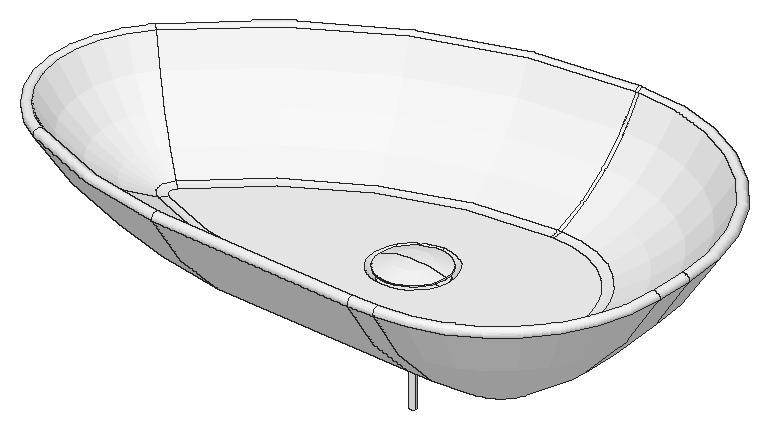
Revit family "Plum Fix_Basin_Counter Top_Argent_Grace_Teardrop", category Plumbing Fixtures, Revit 2016
Family settings
  Part Type = Normal
  Round Connector Dimension = Use Diameter
  OmniClass Number = 23.45.05.14.14
  OmniClass Title = Sinks/Lavatories
  Work Plane-Based = No
  Always vertical = Yes
  Cut with Voids When Loaded = Yes
  Shared = No
  Room Calculation Point = No
Parameters (values of type "White (TP20MUL01)")
  Waste Connection = yes
  WFU = 0
  Vent Connection = no
  Uniclass2015Version = "Products v1.13"
  Uniclass2015Title = "Sinks"
  Uniclass2015Code = "Pr_40_20_96_81"
  URL = "https://www.argentaust.com.au/"
  Type Comments = "No Tap Hole"
  ModifiedIssue_ANZRS = 20191125
  Model = "TP20MUL01"  # constant formula
  Manufacturer_URL__Product Specific = "https://www.argentaust.com.au/argent-basins-counter-top-grace-teardrop-counter-top-basin?item=8582"
  Manufacturer_Spec Code = Model  # "TP20MUL01"
  Manufacturer_Overall Width = 595 mm  # constant formula
  Manufacturer_Overall Height = 125.5 mm  # constant formula
  Manufacturer_Overall Depth = 400 mm  # constant formula
  Manufacturer_Height From FFL [instance] = 900 mm
  Manufacturer = "Argent"  # constant formula
  Keynote = ""
  IfcExportType = "SINK"
  IfcExportAs = "IfcSanitaryTerminalType"
  HWFU = 0
  HW Connection = no
  CreatedBy_ANZRS = "IGS BIM Solutions"  # constant formula
  CreatedByURL_ANZRS = "https://igsgroup.com.au"
  Description = "Grace Teardrop Counter Top Basin"  # constant formula
  Cost = 0
  CWFU = 0
  CW Connection = no
  Body Material = z_Argent_Ceramic White
  Assembly Code = ""
Reference planes
  plane 1 "Ref. Level": z = 0
  plane 2 "Front": y = -307.5
  plane 3 "Back": y = 92.5
  plane 4 "Right": x = -1.98
  plane 5 "Left": x = -596.98
  plane 6 "Top": z = 1025.5
  plane 7 "Bottom": z = 900
  plane 8 "Drain Top": z = 949
  plane 9 "Center (Left/Right)": x = -266.98
  plane 10 "Center (Front/Back)": y = -121.5
Forms (mm)
  Sweep 1, solid, material "z_Argent_Ceramic White" <- "Body Material"
    path origin (0, 0, 1025.5) x (0, -1, 0) y (1, 0, 0)
      loop
        arc (-92.5, -214.48) -> (-51.819, -406.591) -> (63.242, -565.723) r 473.948
        arc (63.242, -565.723) -> (165.454, -595.196) -> (251.411, -532.526) r 120.943
        arc (251.411, -532.526) -> (281.7, -458.749) -> (297.373, -380.552) r 416.504
        arc (297.373, -380.552) -> (304.967, -281.395) -> (307.5, -181.98) r 1951.836
        line (307.5, -181.98) -> (307.5, -156.98)
        arc (307.5, -156.98) -> (262.102, -47.378) -> (152.5, -1.98) r 155
        line (152.5, -1.98) -> (116.837, -1.98)
        arc (116.837, -1.98) -> (-31.187, -63.293) -> (-92.5, -211.317) r 209.337
        line (-92.5, -211.317) -> (-92.5, -214.48)
    profile origin (-212.899, 92.5, 1025.5) x (0, 1, 0) y (0, 0, 1)
      loop
        arc (-0.57, -7.007) -> (-2.493, -0.57) -> (-8.93, -2.493) r 4.75
        arc (-8.93, -2.493) -> (-48.414, -51.113) -> (-102.933, -81.944) r 168.422
        arc (-102.933, -81.944) -> (-107.482, -83.084) -> (-112.155, -83.468) r 28.656
        line (-112.155, -83.468) -> (-117.644, -83.468) -> (-117.644, -125.5)
        arc (-117.644, -125.5) -> (-50.627, -74.632) -> (-0.57, -7.007) r 296.912
  Extrusion 2, void
    sketch origin (0, 0, 1025.5) x (0, -1, 0) y (1, 0, 0)
      loop
        circle (121.5, -266.98) r 37
      loop
        arc (33.815, -211.613) -> (59.484, -342.713) -> (132.701, -454.451) r 347.616
        arc (132.701, -454.451) -> (141.698, -457.294) -> (149.056, -451.387) r 10
        arc (149.056, -451.387) -> (163.06, -410.193) -> (170.727, -367.364) r 289.218
        arc (170.727, -367.364) -> (177.815, -274.741) -> (180.179, -181.878) r 1824.594
        line (180.179, -181.878) -> (180.179, -156.257)
        arc (180.179, -156.257) -> (172.304, -137.245) -> (153.292, -129.37) r 26.887
        line (153.292, -129.37) -> (116.058, -129.37)
        arc (116.058, -129.37) -> (57.903, -153.458) -> (33.815, -211.613) r 82.243
    from -125.5 to -106.259
  Extrusion 3, solid, material "z_Argent_Ceramic White" <- "Body Material"
    sketch origin (0, 0, 1025.5) x (0, -1, 0) y (1, 0, 0)
      loop
        arc (142.228, -478.537) -> (145.015, -479.341) -> (147.359, -477.631) r 3.298
        arc (147.359, -477.631) -> (169.093, -424.693) -> (180.339, -368.583) r 298.86
        arc (180.339, -368.583) -> (187.475, -275.403) -> (189.856, -181.98) r 1834.192
        line (189.856, -181.98) -> (189.856, -156.98)
        arc (189.856, -156.98) -> (178.914, -130.565) -> (152.5, -119.624) r 37.356
        line (152.5, -119.624) -> (116.837, -119.624)
        arc (116.837, -119.624) -> (52.001, -146.481) -> (25.144, -211.317) r 91.693
        line (25.144, -211.317) -> (25.144, -214.48)
        arc (25.144, -214.48) -> (55.728, -358.905) -> (142.228, -478.537) r 356.304
      loop
        circle (121.5, -266.98) r 22.5
    from -125.5 to -83.468
  Sweep 4, void
    path in 3D
      loop
        arc (-266.98, -99, 942.032) -> (-289.48, -121.5, 942.032) -> (-266.98, -144, 942.032) r 22.5
        arc (-266.98, -144, 942.032) -> (-244.48, -121.5, 942.032) -> (-266.98, -99, 942.032) r 22.5
    profile origin (-244.48, -121.5, 942.032) x (-1, 0, 0) y (0, 0, 1)
      loop
        line (0, 0) -> (-14.5, 0) -> (0, -14.5) -> (0, 0)
  Sweep 5, solid, material "z_Argent_Ceramic White" <- "Body Material"
    path origin (0, 0, 1025.5) x (0, -1, 0) y (1, 0, 0)
      loop
        circle (121.5, -266.98) r 37
    profile origin (-229.98, -121.5, 1025.5) x (-1, 0, 0) y (0, 0, 1)
      loop
        line (0, -106.259) -> (-9.184, -106.259) -> (0, -115.442) -> (0, -106.259)
Cuts and joins
  Extrusion 2 cuts Sweep 1
  Extrusion 2, Sweep 4 cuts Extrusion 3
  joined: Sweep 1, Extrusion 3, Sweep 5
Lines and regions (mm)
  Masking region 1
    outline origin (0, 0, 1025.5) x (0, -1, 0) y (1, 0, 0)
      loop
        arc (-92.5, -214.48) -> (-51.819, -406.591) -> (63.242, -565.723) r 473.948
        arc (63.242, -565.723) -> (165.454, -595.196) -> (251.411, -532.526) r 120.943
        arc (251.411, -532.526) -> (281.7, -458.749) -> (297.373, -380.552) r 416.504
        arc (297.373, -380.552) -> (304.967, -281.395) -> (307.5, -181.98) r 1951.836
        line (307.5, -181.98) -> (307.5, -156.98)
        arc (307.5, -156.98) -> (262.102, -47.378) -> (152.5, -1.98) r 155
        line (152.5, -1.98) -> (116.837, -1.98)
        arc (116.837, -1.98) -> (-31.187, -63.293) -> (-92.5, -211.317) r 209.337
        line (-92.5, -211.317) -> (-92.5, -214.48)
  Masking region 2
    outline origin (0, -307.5, 0) x (-1, 0, 0) y (0, 0, 1)
      loop
        arc (596.41, 1018.493) -> (596.309, 1023.183) -> (592.23, 1025.5) r 4.75
        line (592.23, 1025.5) -> (6.73, 1025.5)
        arc (6.73, 1025.5) -> (2.651, 1023.183) -> (2.55, 1018.493) r 4.75
        arc (2.55, 1018.493) -> (52.607, 950.868) -> (119.624, 900) r 296.912
        line (119.624, 900) -> (479.336, 900)
        arc (479.336, 900) -> (546.353, 950.868) -> (596.41, 1018.493) r 296.912
  Masking region 3
    outline origin (-1.98, 0, 0) x (0, 1, 0) y (0, 0, 1)
      loop
        arc (91.93, 1018.493) -> (91.829, 1023.183) -> (87.75, 1025.5) r 4.75
        line (87.75, 1025.5) -> (-302.75, 1025.5)
        arc (-302.75, 1025.5) -> (-306.829, 1023.183) -> (-306.93, 1018.493) r 4.75
        arc (-306.93, 1018.493) -> (-256.873, 950.868) -> (-189.856, 900) r 296.912
        line (-189.856, 900) -> (-25.144, 900)
        arc (-25.144, 900) -> (41.873, 950.868) -> (91.93, 1018.493) r 296.912
  symbolic lines, style "Basins/Sinks/Tubs", detail levels medium+fine
    curve 1: circle (-266.98, -121.5, 1025.5) r 22.5 normal (0, 0, 1)
  symbolic lines, style "Basins/Sinks/Tubs", detail levels fine
    curve 2: circle (-266.98, -121.5, 1025.5) r 37 normal (0, 0, 1)
    curve 3: arc (-213.926, 83.242, 1025.5) -> (-402.381, 43.313, 1025.5) -> (-558.45, -69.612, 1025.5) r 464.694
    curve 4: arc (-558.45, -69.612, 1025.5) -> (-585.63, -163.75, 1025.5) -> (-527.935, -242.946, 1025.5) r 111.403
    curve 5: arc (-527.935, -242.946, 1025.5) -> (-455.875, -272.521, 1025.5) -> (-379.501, -287.824, 1025.5) r 406.934
    curve 6: arc (-379.501, -287.824, 1025.5) -> (-280.845, -295.378, 1025.5) -> (-181.932, -297.899, 1025.5) r 1942.283
    curve 7: arc (-157.095, -297.885, 1025.5) -> (-54.293, -255.302, 1025.5) -> (-11.711, -152.5, 1025.5) r 145.385
    curve 8: arc (-11.711, -116.856, 1025.5) -> (-71.068, 25.385, 1025.5) -> (-213.926, 83.242, 1025.5) r 200.11
    curve 9: line (-11.711, -152.5, 1025.5) -> (-11.711, -116.856, 1025.5)
    curve 10: line (-181.98, -298, 1025.5) -> (-156.98, -298, 1025.5)
  sketch lines
    curve 11: circle (-266.98, -121.5, 942.032) r 22.5 normal (0, 0, 1)
Text (mm)
  text "Disclaimer:\n\nDue to ongoing product development and manufacturing evolution, product details are subject to change without notice. Please refer to product technical data sheets on the manufacturer’s website for the most current product information. Please allow a +/- 5mm manufacturing tolerance for dimensions and set-outs shown in product literature." at (80.42, 18.661, 0), in view "Ref. Level_Instruction"
Dimensions and locks
  "Manufacturer_Overall Depth": plane 2 "Front" to plane 3 "Back"
  "Manufacturer_Height From FFL": plane 7 "Bottom" to plane 1 "Ref. Level"
  "Manufacturer_Overall Height": plane 6 "Top" to plane 7 "Bottom"
  "Manufacturer_Overall Width": plane 5 "Left" to plane 4 "Right"
  locked: plane 8 "Drain Top" to plane 7 "Bottom" at 49
  locked: plane 9 "Center (Left/Right)" to plane 4 "Right" at 265
  locked: plane 10 "Center (Front/Back)" to plane 3 "Back" at 214
  aligned and locked: plane 8 "Drain Top" to nested 1
  aligned and locked: Extrusion 3 to plane 7 "Bottom"
Automatic sketch dimensions
  profile plane to Sweep 1 sketch curve = 261.837 mm
  Sweep 1 sketch curve to Sweep 1 sketch curve = 104.705 mm
  profile plane to Sweep 1 sketch curve = 117.644 mm
  Sweep 1 sketch curve to Sweep 1 sketch curve = 5.489 mm
  profile plane to Sweep 1 sketch curve = 4.75 mm
  Sweep 1 sketch curve to plane 6 "Top" = 125.5 mm
  Sweep 1 sketch curve to Sweep 1 sketch curve = 42.032 mm
  Sweep 1 sketch curve to Sweep 1 sketch curve = 28.656 mm
  Sweep 1 sketch curve to plane 6 "Top" = 4.75 mm
  plane 6 "Top" to Sweep 1 sketch curve = 77.519 mm
  Sweep 1 sketch curve to Sweep 1 sketch curve = 56.529 mm
  Sweep 1 sketch curve to Sweep 1 sketch curve = 0 mm  (x4)
  Extrusion 2 sketch curve to plane 3 "Back" = 1551.915 mm
  Extrusion 2 sketch curve to plane 3 "Back" = 24.493 mm
  Extrusion 2 sketch curve to Extrusion 2 sketch curve = 26.887 mm
  plane 2 "Front" to Extrusion 2 sketch curve = 73.931 mm
  Extrusion 2 sketch curve to Extrusion 2 sketch curve = 0 mm  (x3)
  Extrusion 2 sketch curve to Extrusion 2 sketch curve = 25.621 mm
  Extrusion 2 sketch curve to Extrusion 2 sketch curve = 80.101 mm
  Masking region 2 sketch curve to plane 7 "Bottom" = 0 mm
  Masking region 2 sketch curve to plane 6 "Top" = 0 mm
  Masking region 2 sketch curve to plane 4 "Right" = 4.75 mm
  Masking region 2 sketch curve to plane 4 "Right" = 117.644 mm
  plane 5 "Left" to Masking region 2 sketch curve = 117.644 mm
  plane 5 "Left" to Masking region 2 sketch curve = 4.75 mm
  Masking region 2 sketch curve to Masking region 2 sketch curve = 4.75 mm  (x2)
  plane 6 "Top" to Masking region 2 sketch curve = 134.048 mm
  Masking region 2 sketch curve to Masking region 2 sketch curve = 0 mm
  plane 3 "Back" to Sweep 1 sketch curve = 0 mm
  Sweep 1 sketch curve to plane 4 "Right" = 0 mm
  plane 2 "Front" to Sweep 1 sketch curve = 0 mm
  Sweep 1 sketch curve to plane 3 "Back" = 24.47 mm
  Sweep 1 sketch curve to Sweep 1 sketch curve = 1527.366 mm
  plane 2 "Front" to Sweep 1 sketch curve = 73.948 mm
  Sweep 1 sketch curve to Sweep 1 sketch curve = 3.163 mm
  plane 5 "Left" to Sweep 1 sketch curve = 120.887 mm
  Masking region 3 sketch curve to plane 6 "Top" = 0 mm
  Masking region 3 sketch curve to plane 7 "Bottom" = 0 mm
  Masking region 3 sketch curve to plane 2 "Front" = 4.75 mm
  plane 3 "Back" to Masking region 3 sketch curve = 4.75 mm
  Masking region 3 sketch curve to Masking region 3 sketch curve = 4.75 mm  (x2)
  plane 6 "Top" to Masking region 3 sketch curve = 134.048 mm
  Masking region 3 sketch curve to Masking region 3 sketch curve = 0 mm  (x2)
  plane 3 "Back" to Masking region 1 sketch curve = 0 mm
  Masking region 1 sketch curve to plane 4 "Right" = 0 mm
  plane 2 "Front" to Masking region 1 sketch curve = 0 mm
  Masking region 1 sketch curve to plane 3 "Back" = 24.47 mm
  Masking region 1 sketch curve to Masking region 1 sketch curve = 1527.366 mm
  plane 2 "Front" to Masking region 1 sketch curve = 73.948 mm
  Masking region 1 sketch curve to Masking region 1 sketch curve = 3.163 mm
  plane 5 "Left" to Masking region 1 sketch curve = 120.887 mm
  Masking region 1 sketch curve to Masking region 1 sketch curve = 0 mm  (x2)
  curve 1 to curve 2 = 0 mm  (x3)
  curve 6 to plane 3 "Back" = 1551.884 mm
  curve 5 to plane 3 "Back" = 24.499 mm
  plane 2 "Front" to curve 3 = 73.952 mm
  plane 5 "Left" to curve 4 = 121.065 mm
  curve 8 to curve 7 = 54.725 mm
  plane 3 "Back" to curve 3 = 9.258 mm
  curve 5 to plane 2 "Front" = 64.554 mm
  curve 5 to curve 6 = 0 mm
  curve 7 to plane 2 "Front" = 9.615 mm
  Extrusion 3 sketch curve to plane 3 "Back" = 1551.836 mm
  Extrusion 3 sketch curve to plane 3 "Back" = 24.47 mm
  Extrusion 3 sketch curve to Extrusion 3 sketch curve = 35.663 mm
  Extrusion 3 sketch curve to Extrusion 3 sketch curve = 37.356 mm
  plane 2 "Front" to Extrusion 3 sketch curve = 73.948 mm
  Extrusion 3 sketch curve to Extrusion 3 sketch curve = 29.337 mm
  Extrusion 3 sketch curve to Extrusion 3 sketch curve = 3.163 mm
  Extrusion 3 sketch curve to Extrusion 3 sketch curve = 107.509 mm
  Extrusion 3 sketch curve to Extrusion 3 sketch curve = 0 mm  (x2)
  Sweep 4 sketch curve to profile plane = 0 mm  (x2)
  Sweep 4 sketch curve to Sweep 4 sketch curve = 14.5 mm
  Sweep 4 sketch curve to profile plane = 14.5 mm
  Sweep 5 sketch curve to profile plane = 0 mm
  profile plane to Sweep 5 sketch curve = 9.184 mm
  Sweep 5 sketch curve to Sweep 5 sketch curve = 9.184 mm
  Sweep 5 sketch curve to plane 6 "Top" = 115.442 mm
  plane 5 "Left" to curve 5 = 258.873 mm
  curve 4 to curve 2 = 208.935 mm
  curve 3 to plane 4 "Right" = 211.946 mm
  curve 6 to plane 4 "Right" = 179.953 mm
  curve 6 to curve 10 = 0.101 mm
  curve 10 to curve 6 = 0.047 mm
  curve 7 to curve 10 = 0.115 mm
  Sweep 1 sketch curve to Sweep 1 sketch curve = 123.698 mm
  Sweep 1 sketch curve to plane 4 "Right" = 180 mm
  plane 5 "Left" to Extrusion 2 sketch curve = 149.515 mm
  Extrusion 2 sketch curve to Extrusion 2 sketch curve = 109.503 mm
  Extrusion 2 sketch curve to Extrusion 2 sketch curve = 85.102 mm
  Extrusion 2 sketch curve to Extrusion 2 sketch curve = 29.735 mm
  Masking region 1 sketch curve to Masking region 1 sketch curve = 123.698 mm
  Masking region 1 sketch curve to plane 4 "Right" = 180 mm
  Masking region 2 sketch curve to plane 4 "Right" = 261.837 mm
  Masking region 2 sketch curve to Masking region 2 sketch curve = 71.325 mm
  plane 5 "Left" to Extrusion 3 sketch curve = 120.887 mm
  Extrusion 3 sketch curve to Extrusion 3 sketch curve = 137.914 mm
  Extrusion 3 sketch curve to Extrusion 3 sketch curve = 55.663 mm
  Sweep 5 sketch curve to plane 4 "Right" = 265 mm
  plane 9 "Center (Left/Right)" to curve 8 = 55.159 mm
  curve 8 to curve 7 = 181.028 mm
  curve 8 to curve 1 = 4.644 mm
  curve 4 to curve 4 = 98.511 mm
  plane 5 "Left" to curve 4 = 38.53 mm
  plane 9 "Center (Left/Right)" to Sweep 1 sketch curve = 55.663 mm
  Sweep 1 sketch curve to plane 2 "Front" = 163.058 mm
  Sweep 1 sketch curve to Sweep 1 sketch curve = 35.663 mm
  Extrusion 2 sketch curve to plane 9 "Center (Left/Right)" = 0 mm
  Extrusion 2 sketch curve to Extrusion 2 sketch curve = 37.235 mm
  Extrusion 2 sketch curve to Extrusion 2 sketch curve = 5.442 mm
  Extrusion 2 sketch curve to Extrusion 2 sketch curve = 30.87 mm
  plane 9 "Center (Left/Right)" to Masking region 1 sketch curve = 55.663 mm
  Masking region 1 sketch curve to plane 2 "Front" = 163.058 mm
  Masking region 1 sketch curve to Masking region 1 sketch curve = 35.663 mm
  Extrusion 3 sketch curve to plane 9 "Center (Left/Right)" = 0 mm
  Extrusion 3 sketch curve to Extrusion 3 sketch curve = 91.693 mm
  Extrusion 3 sketch curve to Extrusion 3 sketch curve = 4.663 mm
  Extrusion 3 sketch curve to Extrusion 3 sketch curve = 35.897 mm
  Masking region 3 sketch curve to plane 2 "Front" = 117.644 mm
  Masking region 3 sketch curve to Masking region 3 sketch curve = 123.675 mm
  plane 3 "Back" to Masking region 3 sketch curve = 117.644 mm
  Sweep 5 sketch curve to plane 2 "Front" = 186 mm
  radius of Extrusion 2 sketch curve = 37 mm
  radius of curve 1 = 22.5 mm
  radius of curve 2 = 37 mm
  radius of Extrusion 3 sketch curve = 22.5 mm
  radius of Sweep 5 sketch curve = 37 mm
Nested families
  nested 1: "z.PlumFix_Waste_32mm Pop-up" at (-262.5, -182.25, 942), type "Chrome"
    with Manufacturer_Height From FFL 0 mm
Connectors
  piping at (-266.98, -121.5, 873.2), diameter 32, driven by "Waste Connection"
    settings: on nested 1, index 1, connector inside diameter 609.6 mm, connector length 0 mm, flow factor 0, pipe flow 0.000 L/s, pressure drop 0.0 Pa, fitting loss kfactor 0, connector angle 0.00°, fixture units 0, engagement length 0 mm, angle of deflection 0.00°, flow configuration 2, flow direction 2, fitting loss method 4, system type 16, joint type 0, gender type 0, connector reference index -1, connector utility 1, adjustable connector no, is connector primary yes, connector description "Waste Outlet"
Definition of nested family "z.PlumFix_Waste_32mm Pop-up"
  Parameters (values of type "Chrome")
    Waste Connection = yes
    WFU = 0
    Vent Connection = no
    URL = "https://www.argentaust.com.au/"
    Type Comments = ""
    ModifiedIssue_ANZRS = 20180826
    Model = ""
    Manufacturer_Overall Width = 63.5 mm  # constant formula
    Manufacturer_Overall Height = 130 mm  # constant formula
    Manufacturer_Overall Depth = 63.5 mm  # constant formula
    Manufacturer_Height From FFL [instance] = 0 mm
    Manufacturer = "Argent"  # constant formula
    Keynote = ""
    HWFU = 0
    HW Connection = no
    CreatedBy_ANZRS = "IGS BIM Solutions"  # constant formula
    CreatedByURL_ANZRS = "https://www.igsgroup.com.au"
    Description = ""
    Cost = 0
    CWFU = 0
    CW Connection = yes
    Body Material = none
    Assembly Code = ""
  Reference planes
    plane 1 "Center (Front/Back)": y = 60.75
    plane 2 "Ref. Level": z = 0
    plane 3 "Front": y = 29
    plane 4 "Back": y = 92.5
    plane 5 "Center (Left/Right)": x = -4.48
    plane 6 "Left": x = -36.23
    plane 7 "Right": x = 27.27
    plane 8 "Top Offset": z = 0
    plane 9 "Top": z = 7
    plane 10 "Bottom": z = -123
    plane 11: y = 60.75
  Forms (mm)
    Revolve 1, solid, material <- "Body Material", detail levels medium+fine
      sketch origin (0, 60.75, 0) x (1, 0, 0) y (0, 0, 1)
        loop
          line (-4.48, -123) -> (-4.48, 7)
          arc (-4.48, 7) -> (-20.634, 5.492) -> (-36.23, 1.02) r 87.27
          line (-36.23, 1.02) -> (-36.23, 0) -> (-20.48, 0) -> (-20.48, -8) -> (-34.48, -8) -> (-34.48, -16) -> (-24.48, -16) -> (-24.48, -23) -> (-34.48, -23) -> (-34.48, -32) -> (-29.48, -32) -> (-29.48, -56.8) -> (-20.48, -56.8) -> (-20.48, -68.8) -> (-7.48, -68.8) -> (-7.48, -123) -> (-4.48, -123)
        axis (-4.48, -123) -> (-4.48, 7)
      angle from 0 to 360
  Lines and regions (mm)
    Masking region 1
      outline origin (-4.48, 0, 0) x (0, 1, 0) y (0, 0, 1)
        loop
          line (85.75, -56.8) -> (85.75, -32) -> (90.75, -32) -> (90.75, -23) -> (80.75, -23) -> (80.75, -16) -> (90.75, -16) -> (90.75, -8) -> (76.75, -8) -> (76.75, 0) -> (92.5, 0) -> (92.5, 1.02)
          arc (92.5, 1.02) -> (60.75, 7) -> (29, 1.02) r 87.27
          line (29, 1.02) -> (29, 0) -> (44.75, 0) -> (44.75, -8) -> (30.75, -8) -> (30.75, -16) -> (40.75, -16) -> (40.75, -23) -> (30.75, -23) -> (30.75, -32) -> (35.75, -32) -> (35.75, -56.8) -> (44.75, -56.8) -> (44.75, -68.8) -> (57.75, -68.8) -> (57.75, -123) -> (63.75, -123) -> (63.75, -68.8) -> (76.75, -68.8) -> (76.75, -56.8) -> (85.75, -56.8)
    Masking region 2
      outline origin (0, 29, 0) x (-1, 0, 0) y (0, 0, 1)
        loop
          line (20.48, -56.8) -> (29.48, -56.8) -> (29.48, -32) -> (34.48, -32) -> (34.48, -23) -> (24.48, -23) -> (24.48, -16) -> (34.48, -16) -> (34.48, -8) -> (20.48, -8) -> (20.48, 0) -> (36.23, 0) -> (36.23, 1.02)
          arc (36.23, 1.02) -> (4.48, 7) -> (-27.27, 1.02) r 87.27
          line (-27.27, 1.02) -> (-27.27, 0) -> (-11.52, 0) -> (-11.52, -8) -> (-25.52, -8) -> (-25.52, -16) -> (-15.52, -16) -> (-15.52, -23) -> (-25.52, -23) -> (-25.52, -32) -> (-20.52, -32) -> (-20.52, -56.8) -> (-11.52, -56.8) -> (-11.52, -68.8) -> (1.48, -68.8) -> (1.48, -123) -> (7.48, -123) -> (7.48, -68.8) -> (20.48, -68.8) -> (20.48, -56.8)
    symbolic lines, detail levels medium+fine
      curve 1: line (-20.48, 29, -56.8) -> (11.52, 29, -56.8)
      curve 2: line (-29.48, 29, -32) -> (20.52, 29, -32)
      curve 3: line (-24.48, 29, -23) -> (15.52, 29, -23)
      curve 4: line (-24.48, 29, -16) -> (15.52, 29, -16)
      curve 5: line (-20.48, 29, -8) -> (11.52, 29, -8)
      curve 7: line (-7.48, 29, -68.8) -> (-1.48, 29, -68.8)
      curve 8: line (-36.23, 76.75, 0) -> (-36.23, 44.75, 0)
      curve 9: line (-36.23, 76.75, -8) -> (-36.23, 44.75, -8)
      curve 10: line (-36.23, 80.75, -16) -> (-36.23, 40.75, -16)
      curve 11: line (-36.23, 80.75, -23) -> (-36.23, 40.75, -23)
      curve 12: line (-36.23, 85.75, -32) -> (-36.23, 35.75, -32)
      curve 13: line (-36.23, 76.75, -56.8) -> (-36.23, 44.75, -56.8)
      curve 14: line (-36.23, 63.75, -68.8) -> (-36.23, 57.75, -68.8)
    symbolic lines, detail levels fine
      curve 6: line (-20.48, 29, 0) -> (11.52, 29, 0)
      curve 15: line (-36.23, 92.5, 1.02) -> (-36.23, 29, 1.02)
      curve 16: line (-36.23, 29, 1.02) -> (27.27, 29, 1.02)
  Text (mm)
    text "Disclaimer:\n\nDue to ongoing product development and manufacturing evolution, product details are subject to change without notice. Please refer to product technical data sheets on the manufacturer’s website for the most current product information. Please allow a +/- 5mm manufacturing tolerance for dimensions and set-outs shown in product literature." at (200.434, 226.107, 0), in view "Ref. Level_Instruction"
  Dimensions and locks
    equal spacing: plane 3 "Front", plane 1 "Center (Front/Back)", plane 4 "Back"
    equal spacing: plane 6 "Left", plane 5 "Center (Left/Right)", plane 7 "Right"
    "Manufacturer_Overall Depth": plane 3 "Front" to plane 4 "Back"
    "Manufacturer_Overall Width": plane 6 "Left" to plane 7 "Right"
    "Manufacturer_Height From FFL": plane 8 "Top Offset" to plane 2 "Ref. Level"
    locked: plane 9 "Top" to plane 8 "Top Offset" at 7
    "Manufacturer_Overall Height": plane 9 "Top" to plane 10 "Bottom"
    aligned and locked: plane 6 "Left" to Revolve 1 sketch curve
  Automatic sketch dimensions
    curve 16 to plane 7 "Right" = 0 mm
    curve 6 to plane 8 "Top Offset" = 0 mm
    curve 16 to plane 6 "Left" = 0 mm
    curve 6 to curve 5 = 0 mm  (x2)
    curve 7 to plane 5 "Center (Left/Right)" = 3 mm
    plane 5 "Center (Left/Right)" to curve 1 = 16 mm
    curve 5 to plane 6 "Left" = 15.75 mm
    curve 3 to plane 6 "Left" = 11.75 mm
    curve 2 to plane 6 "Left" = 6.75 mm
    plane 8 "Top Offset" to curve 5 = 8 mm
    curve 3 to curve 4 = 7 mm
    curve 1 to curve 2 = 24.8 mm
    curve 16 to plane 8 "Top Offset" = 1.02 mm
    curve 15 to plane 3 "Front" = 0 mm
    curve 8 to plane 8 "Top Offset" = 0 mm
    curve 15 to plane 4 "Back" = 0 mm
    plane 1 "Center (Front/Back)" to curve 14 = 3 mm
    curve 13 to plane 1 "Center (Front/Back)" = 16 mm
    plane 4 "Back" to curve 9 = 15.75 mm
    curve 8 to curve 9 = 0 mm  (x2)
    plane 4 "Back" to curve 11 = 11.75 mm
    plane 4 "Back" to curve 12 = 6.75 mm
    curve 9 to plane 8 "Top Offset" = 8 mm
    curve 11 to curve 10 = 7 mm
    curve 13 to curve 12 = 24.8 mm
    plane 8 "Top Offset" to curve 15 = 1.02 mm
    Revolve 1 sketch curve to level = 0 mm
    Revolve 1 sketch curve to plane 10 "Bottom" = 0 mm
    Revolve 1 sketch curve to plane 5 "Center (Left/Right)" = 0 mm  (x2)
    Revolve 1 sketch curve to plane 9 "Top" = 0 mm
    plane 6 "Left" to Revolve 1 sketch curve = 1.75 mm  (x2)
    plane 6 "Left" to Revolve 1 sketch curve = 6.75 mm
    Revolve 1 sketch curve to Revolve 1 sketch curve = 10 mm
    Revolve 1 sketch curve to Revolve 1 sketch curve = 9 mm  (x2)
    Revolve 1 sketch curve to Revolve 1 sketch curve = 4 mm
    Revolve 1 sketch curve to Revolve 1 sketch curve = 12 mm
    Revolve 1 sketch curve to Revolve 1 sketch curve = 24.8 mm
    Revolve 1 sketch curve to Revolve 1 sketch curve = 7 mm
    Revolve 1 sketch curve to level = 8 mm
    plane 9 "Top" to Revolve 1 sketch curve = 249.25 mm
    Revolve 1 sketch curve to Revolve 1 sketch curve = 180 mm
    Revolve 1 sketch curve to Revolve 1 sketch curve = 11.47 mm
    Revolve 1 sketch curve to Revolve 1 sketch curve = 3 mm
    Revolve 1 sketch curve to Revolve 1 sketch curve = 42.73 mm
    Masking region 2 sketch curve to level = 0 mm  (x2)
    plane 7 "Right" to Masking region 2 sketch curve = 0 mm
    Masking region 2 sketch curve to plane 10 "Bottom" = 0 mm
    Masking region 2 sketch curve to plane 5 "Center (Left/Right)" = 0 mm
    Masking region 2 sketch curve to plane 6 "Left" = 0 mm
    plane 7 "Right" to Masking region 2 sketch curve = 1.75 mm  (x2)
    Masking region 2 sketch curve to Masking region 2 sketch curve = 5 mm
    Masking region 2 sketch curve to Masking region 2 sketch curve = 10 mm
    Masking region 2 sketch curve to Masking region 2 sketch curve = 4 mm  (x2)
    Masking region 2 sketch curve to Masking region 2 sketch curve = 9 mm  (x3)
    plane 5 "Center (Left/Right)" to Masking region 2 sketch curve = 3 mm
    Masking region 2 sketch curve to plane 5 "Center (Left/Right)" = 3 mm
    Masking region 2 sketch curve to Masking region 2 sketch curve = 15.75 mm
    plane 6 "Left" to Masking region 2 sketch curve = 15.75 mm
    plane 6 "Left" to Masking region 2 sketch curve = 6.75 mm
    plane 6 "Left" to Masking region 2 sketch curve = 1.75 mm  (x2)
    plane 10 "Bottom" to Masking region 2 sketch curve = 42.73 mm
    Masking region 2 sketch curve to Masking region 2 sketch curve = 11.47 mm
    Masking region 2 sketch curve to Masking region 2 sketch curve = 0 mm
    Masking region 2 sketch curve to Masking region 2 sketch curve = 12 mm  (x2)
    Masking region 2 sketch curve to Masking region 2 sketch curve = 24.8 mm  (x2)
    Masking region 2 sketch curve to Masking region 2 sketch curve = 7 mm  (x2)
    Masking region 2 sketch curve to level = 8 mm  (x2)
    Masking region 2 sketch curve to Masking region 2 sketch curve = 1.02 mm
    curve 4 to curve 3 = 0 mm  (x2)
    curve 4 to curve 5 = 4 mm
    Masking region 1 sketch curve to level = 0 mm  (x2)
    Masking region 1 sketch curve to plane 3 "Front" = 0 mm
    Masking region 1 sketch curve to plane 10 "Bottom" = 0 mm
    Masking region 1 sketch curve to plane 1 "Center (Front/Back)" = 0 mm
    Masking region 1 sketch curve to plane 4 "Back" = 0 mm
    Masking region 1 sketch curve to plane 3 "Front" = 1.75 mm  (x2)
    Masking region 1 sketch curve to Masking region 1 sketch curve = 5 mm
    Masking region 1 sketch curve to Masking region 1 sketch curve = 10 mm
    Masking region 1 sketch curve to Masking region 1 sketch curve = 4 mm  (x2)
    Masking region 1 sketch curve to Masking region 1 sketch curve = 9 mm  (x3)
    plane 1 "Center (Front/Back)" to Masking region 1 sketch curve = 3 mm
    Masking region 1 sketch curve to plane 1 "Center (Front/Back)" = 3 mm
    plane 4 "Back" to Masking region 1 sketch curve = 15.75 mm  (x2)
    plane 4 "Back" to Masking region 1 sketch curve = 6.75 mm
    plane 4 "Back" to Masking region 1 sketch curve = 1.75 mm  (x2)
    plane 10 "Bottom" to Masking region 1 sketch curve = 42.73 mm
    Masking region 1 sketch curve to Masking region 1 sketch curve = 11.47 mm
    Masking region 1 sketch curve to Masking region 1 sketch curve = 0 mm
    Masking region 1 sketch curve to Masking region 1 sketch curve = 12 mm  (x2)
    Masking region 1 sketch curve to Masking region 1 sketch curve = 24.8 mm  (x2)
    Masking region 1 sketch curve to Masking region 1 sketch curve = 7 mm  (x2)
    Masking region 1 sketch curve to level = 8 mm  (x2)
    Masking region 1 sketch curve to Masking region 1 sketch curve = 1.02 mm
    curve 14 to plane 1 "Center (Front/Back)" = 3 mm
    curve 10 to curve 11 = 0 mm  (x2)
    curve 10 to curve 9 = 4 mm
    curve 13 to plane 3 "Front" = 15.75 mm
    curve 14 to curve 13 = 12 mm
    curve 10 to curve 9 = 8 mm
    curve 12 to plane 3 "Front" = 6.75 mm
    curve 12 to curve 11 = 5 mm
    curve 12 to curve 11 = 9 mm
    curve 4 to plane 7 "Right" = 11.75 mm
    curve 2 to curve 3 = 9 mm
    curve 2 to plane 7 "Right" = 6.75 mm
    curve 1 to plane 7 "Right" = 15.75 mm
    curve 7 to curve 1 = 12 mm
    plane 5 "Center (Left/Right)" to curve 7 = 3 mm
    curve 4 to curve 5 = 8 mm
